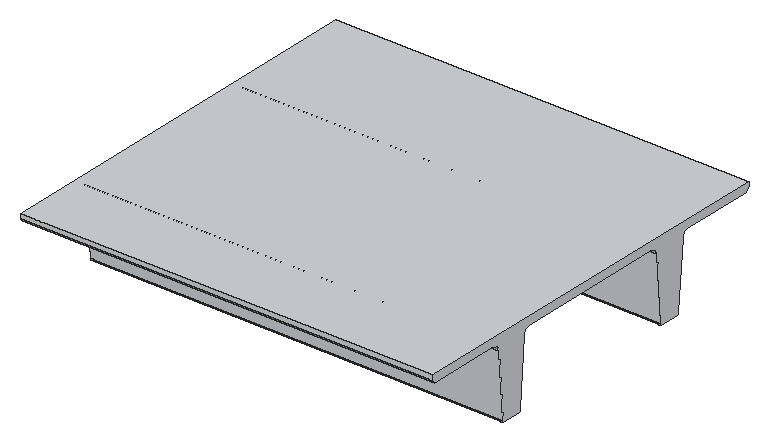
Revit family "TT 50_Precast-Rib deck_Spæncom", category Structural Framing, Revit 2014
Parameters
  Width TT plate [instance] = 2394 mm
  TT plate left (597mm) [instance] = 597 mm
  TT plate right (597mm) [instance] = 597 mm
  TT rib distance = 1200 mm  # constant formula
  Structural Material [instance] = none
  Plate thickness = 50 mm  # constant formula
  Model = "TT50"
  Manufacturer = "Spæncom"
  Length [instance] = 3000 mm
  Height TT = 490 mm  # constant formula
Reference planes
  plane 1 "Center (Front/Back)": y = 0
  plane 2 "Center Elevation": z = 0
  plane 3 "Center (Left/Right)": x = 0
  plane 4 "Left": x = -1500
  plane 5 "Member Left": x = -1250
  plane 6 "Stick Symbol Left": x = -1000
  plane 7 "Right": x = 1500
  plane 8 "Member Right": x = 1250
  plane 9 "Stick Symbol Right": x = 1000
  plane 10: y = 600
  plane 11: y = -600
  plane 12: through (0, 697.255, 403.19) normal (0, -0.9968, 0.0797)
  plane 13: through (0, 534.264, 9.203) normal (0, 0.9968, 0.0797)
  plane 14: through (0, -502.745, 403.19) normal (0, -0.9968, 0.0797)
  plane 15: through (0, -665.736, 9.203) normal (0, 0.9968, 0.0797)
Forms (mm)
  Extrusion 1, solid, material <- "Structural Material"
    sketch origin (-250, 0, 0) x (0, 1, 0) y (0, 0, 1)
      loop
        line (1197, 490) -> (-1197, 490) -> (-1197, 460) -> (-1177, 440) -> (-737.128, 440)
        arc (-737.128, 440) -> (-709.995, 429.39) -> (-697.255, 403.19) r 40
        line (-697.255, 403.19) -> (-665.736, 9.203)
        arc (-665.736, 9.203) -> (-662.551, 2.652) -> (-655.768, 0) r 10
        line (-655.768, 0) -> (-544.232, 0)
        arc (-544.232, 0) -> (-537.449, 2.652) -> (-534.264, 9.203) r 10
        line (-534.264, 9.203) -> (-502.745, 403.19)
        arc (-502.745, 403.19) -> (-490.005, 429.39) -> (-462.872, 440) r 40
        line (-462.872, 440) -> (462.872, 440)
        arc (462.872, 440) -> (490.005, 429.39) -> (502.745, 403.19) r 40
        line (502.745, 403.19) -> (534.264, 9.203)
        arc (534.264, 9.203) -> (537.449, 2.652) -> (544.232, 0) r 10
        line (544.232, 0) -> (655.768, 0)
        arc (655.768, 0) -> (662.551, 2.652) -> (665.736, 9.203) r 10
        line (665.736, 9.203) -> (697.255, 403.19)
        arc (697.255, 403.19) -> (709.995, 429.39) -> (737.128, 440) r 40
        line (737.128, 440) -> (1177, 440) -> (1197, 460) -> (1197, 490)
    from -1000 to 1500
Dimensions and locks
  equal spacing: plane 4 "Left", plane 3 "Center (Left/Right)", plane 7 "Right"
  "Length": plane 4 "Left" to plane 7 "Right"
  Extrusion 1 to plane 10 = 597 mm
  plane 11 to Extrusion 1 = 597 mm
  "Width TT plate": Extrusion 1 to Extrusion 1
  "Plate thickness": Extrusion 1 to Extrusion 1
  "Height TT": Extrusion 1 to Extrusion 1
  plane 12 to plane 13 = 130 mm
  plane 14 to plane 15 = 130 mm
  "TT rib distance": plane 10 to plane 11
  "TT plate left (597mm)": Extrusion 1 sketch curve to plane 10
  "TT plate right (597mm)": plane 11 to Extrusion 1 sketch curve
  radius of Extrusion 1 = 40 mm  (x4)
  aligned and locked: level to plane 2 "Center Elevation"
  aligned and locked: Extrusion 1 to plane 5 "Member Left"
  aligned and locked: Extrusion 1 to plane 8 "Member Right"
Automatic sketch dimensions
  Extrusion 1 sketch curve to level = 0 mm  (x2)
  level to Extrusion 1 sketch curve = 490 mm
  level to Extrusion 1 sketch curve = 440 mm
  Extrusion 1 sketch curve to Extrusion 1 sketch curve = 20 mm  (x4)
  level to Extrusion 1 sketch curve = 403.19 mm  (x2)
  Extrusion 1 sketch curve to Extrusion 1 sketch curve = 39.873 mm  (x4)
  level to Extrusion 1 sketch curve = 9.203 mm  (x4)
  Extrusion 1 sketch curve to Extrusion 1 sketch curve = 31.519 mm  (x2)
  Extrusion 1 sketch curve to Extrusion 1 sketch curve = 9.968 mm  (x4)
  Extrusion 1 sketch curve to Extrusion 1 sketch curve = 111.536 mm  (x2)
  Extrusion 1 sketch curve to Extrusion 1 sketch curve = 194.51 mm  (x2)
  Extrusion 1 sketch curve to Extrusion 1 sketch curve = 3.19 mm  (x3)
  Extrusion 1 sketch curve to Extrusion 1 sketch curve = 40 mm
  Extrusion 1 sketch curve to plane 13 = 0 mm
  Extrusion 1 sketch curve to plane 15 = 0 mm
